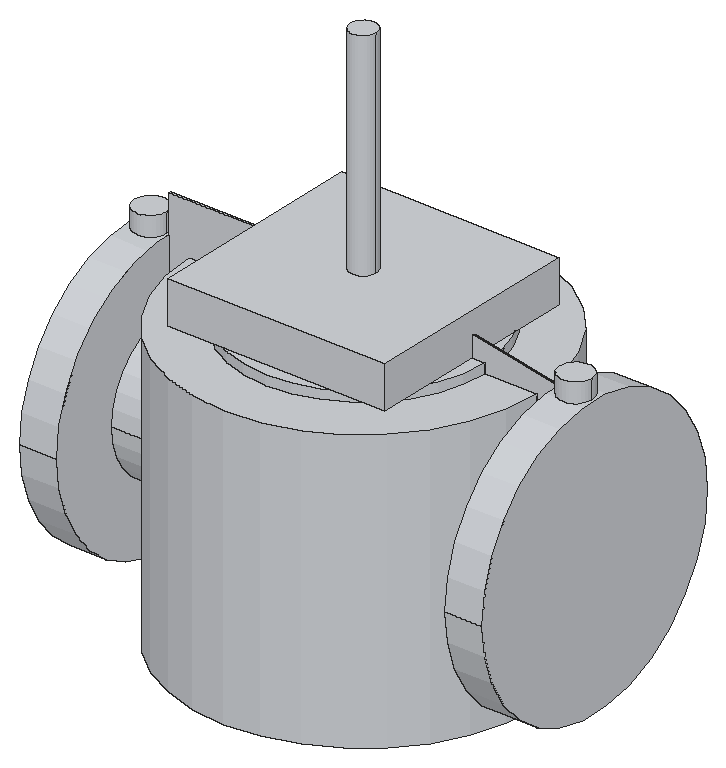
Revit family "OC-FLANGE_LF_DN250_PN16_RFA_2018", category Pipe Accessories, Revit 2018
Family settings
  Round Connector Dimension = Use Diameter
  Part Type = Valve - Breaks Into
  Work Plane-Based = No
  Always vertical = Yes
  Cut with Voids When Loaded = No
  Shared = No
Parameters (values of type "Optima Compact Flange PN16 DN250 LF")
  magiProductId = "4254bd6dcc3e44f98f38d0e788b611"
  magiProductFamilyId = "f0b264c0d7504b12868dd3b486e32a"
  magiPartTypeId = 304
  isMeasuringValve [instance] = no
  ang2D [instance] = 0.00°
  W2D = 50 mm
  VersionID = "2.0/2018.12.13.2/FRESE_OPT_COMP_BIG_Q13_001"
  Use Minimum Symbol Size [instance] = no
  URL = "www.hydronic.cz"
  Type Comments = "Přírubový; PN16; 0~110°C, s měřením"
  R4 = 192.15 mm
  R3 = 115.44 mm
  R1 = 274.5 mm
  QmdConnectorList = "301;D;302;D"
  Productdata [instance] = ""
  Manufacturer = "Hydronic Systems Prague s.r.o."
  MC Use Limits From Balancing Method = no
  MC Throttling Minimum Value = 0
  MC Throttling Maximum Value = 0
  MC Product Code = "53-1207 (DN250 LF; 48mm; pohon min 2500N; Qmin-dpmin 190000l/h-10.0kPa; Qmax-dpmin 475000l/h-35.0kPa; dpmax 800kPa)"
  MC Pressure Drop Minimum Value = 0.0 Pa
  MC Pressure Drop Maximum Value = 0.0 Pa
  MC Piping Given Pressure Drop [instance] = 0.0 Pa
  LF__ve = -LF  # -58.4 mm
  LF2 = 29.2 mm
  LF = 58.4 mm
  L4 = 343.1 mm
  L3 = 613.2 mm
  L2D_Min = 30.48 mm
  L2D = 230 mm
  L2 = 365 mm
  H6 = 339.4 mm
  H4 = 66.6 mm
  H3 = 15 mm
  H2 = 244.2 mm
  H1 = 444 mm
  H = 1094 mm
  Description = "Tlakově nezávislý 2-cestný regulační vyvažovací ventil (PICV)"
  DF2 = 222 mm
  DD = yes
  D = 250 mm
  CAT0 = yes
  AL2 = 156 mm
  ACT3W = 167 mm
  ACT3L = 92.5 mm
  ACT2L = 230 mm
  ACT2H = 311 mm
  A3WP = 112 mm
Types (2, lengths in mm): name | magiProductId | R4 | R3 | R1 | MC Product Code | LF__ve | LF2 | LF | L4 | L3 | L2 | H6 | H4 | H2 | H1 | H | DF2 | D
  Optima Compact Flange PN16 DN250 LF | "4254bd6dcc3e44f98f38d0e788b611" | 192.15 | 115.44 | 274.5 | "53-1207 (DN250 LF; 48mm; pohon min 2500N; Qmin-dpmin 190000l/h-10.0kPa; Qmax-dpmin 475000l/h-35.0kPa; dpmax 800kPa)" | -58.4 | 29.2 | 58.4 | 343.1 | 613.2 | 365 | 339.4 | 66.6 | 244.2 | 444 | 1094 | 222 | 250
  Optima Compact Flange PN16 DN300 LF | "ecb81ef8531940baa5b8b8db4f8dfa" | 251.65 | 135.2 | 359.5 | "53-1208 (DN300 LF; 48mm; pohon min 2500N; Qmin-dpmin 190000l/h-10.0kPa; Qmax-dpmin 475000l/h-35.0kPa; dpmax 800kPa)" | -68 | 34 | 68 | 399.5 | 714 | 425 | 290 | 78 | 286 | 520 | 1132 | 260 | 300
Reference planes
  plane 1 "Center (Front/Back)": y = 0
  plane 2 "XYPLANE": z = 0
  plane 3 "Center (Left/Right)": x = 0
  plane 4 "362": y = 45
  plane 5 "361": y = 55
  plane 6 "360": y = -102
  plane 7 "359": y = -112
  plane 8 "358": z = 852
  plane 9 "357": x = -87.5
  plane 10 "356": x = 87.5
  plane 11 "355": x = -92.5
  plane 12 "354": x = 92.5
  plane 13 "353": x = 35
  plane 14 "352": x = -35
  plane 15 "351": z = 627
  plane 16 "350": z = 812
  plane 17 "347": y = -25
  plane 18 "346": y = 25
  plane 19 "342": z = 280.4
  plane 20 "341": x = 306.6
  plane 21 "340": x = -306.6
  plane 22 "335": x = 106
  plane 23 "334": z = 759
  plane 24 "333": z = 684
  plane 25 "332": z = 689
  plane 26 "331": z = 729
  plane 27 "330": z = 561
  plane 28 "329": z = -222
  plane 29 "328": x = -45
  plane 30 "327": x = 45
  plane 31 "326": x = -49
  plane 32 "325": x = 49
  plane 33 "324": y = -20
  plane 34 "323": y = 20
  plane 35 "322": z = 869
  plane 36 "321": z = 872
  plane 37 "320": z = 581
  plane 38 "319": y = -61
  plane 39 "318": y = 73
  plane 40 "317": x = -74
  plane 41 "316": x = 156
  plane 42 "206": x = 335.8
  plane 43 "205": x = -335.8
  plane 44 "204": z = 222
  plane 45 "203": z = 281.4
  plane 46 "202": z = 214.8
  plane 47 "201": z = 199.8
  plane 48 "200": x = -306.6
  plane 49 "199": z = -244.2
  plane 50 "198": x = 0
  plane 51 "197": y = 0
  plane 52 "196": z = 0
  plane 53 "195": x = -365
  plane 54 "194": x = 365
  plane 55 "193": z = 620.8
  plane 56 "192": z = 784.8
Forms (mm)
  Extrusion 1, solid, visible <- "DD"
    sketch origin (750, 0, 0) x (-1, 0, 0) y (0, 0, 1)
      loop
        line (1056.6, 280.4) -> (750, 280.4) -> (443.4, 222) -> (443.4, -222) -> (1056.6, -222) -> (1056.6, 280.4)
    from 0 to 3
  Extrusion 2, solid, visible <- "CAT0"
    sketch origin (-750, 0, 222) x (1, 0, 0) y (0, 1, 0)
      loop
        circle (1085.8, 0) r 25.5
    from 0 to 30
  Extrusion 3, solid, visible <- "CAT0"
    sketch origin (-750, 0, 222) x (1, 0, 0) y (0, 1, 0)
      loop
        circle (414.2, 0) r 25.5
    from 0 to 30
  Extrusion 4, solid, visible <- "CAT0"
    sketch origin (-750, 0, 281.4) x (1, 0, 0) y (0, 1, 0)
      loop
        circle (750, 0) r 20
    from 0 to 339.4 <- "H6"
  Extrusion 5, solid, visible <- "CAT0"
    sketch origin (-750, 0, 214.8) x (1, 0, 0) y (0, 1, 0)
      loop
        line (921.55, 171.55) -> (578.45, 171.55) -> (578.45, -171.55) -> (921.55, -171.55) -> (921.55, 171.55)
    from 0 to 66.6 <- "H4"
  Extrusion 6, solid, visible <- "CAT0"
    sketch origin (-750, 0, 199.8) x (1, 0, 0) y (0, 1, 0)
      loop
        circle (750, 0) r 192.15
    from 0 to 15 <- "H3"
  Extrusion 7, solid, visible <- "CAT0"
    sketch origin (-306.6, -750, 0) x (0, 1, 0) y (0, 0, 1)
      loop
        circle (750, 0) r 115.44
    from 0 to 613.2 <- "L3"
  Extrusion 8, solid, visible <- "CAT0"
    sketch origin (-750, 0, -244.2) x (1, 0, 0) y (0, 1, 0)
      loop
        circle (750, 0) r 274.5
    from 0 to 444 <- "H1"
  Extrusion 9, solid, visible <- "CAT0"
    sketch origin (-365, -750, 0) x (0, 1, 0) y (0, 0, 1)
      loop
        circle (750, 0) r 222
    from 0 to 58.4 <- "LF"
  Extrusion 10, solid, visible <- "CAT0"
    sketch origin (365, -750, 0) x (0, 1, 0) y (0, 0, 1)
      loop
        circle (750, 0) r 222
    from 0 to -58.4 <- "LF__ve"
  Extrusion 11, solid, not visible
    sketch origin (-365, -750, 0) x (0, 1, 0) y (0, 0, 1)
      loop
        circle (750, 0) r 10
    from 0 to 10
  Extrusion 12, solid, not visible
    sketch origin (365, -750, 0) x (0, 1, 0) y (0, 0, 1)
      loop
        circle (750, 0) r 10
    from 0 to -10
Lines and regions (mm)
  reference lines, not visible
    curve 1: circle (2, 2, 0) r 1 normal (0, 0, 1)
  reference lines
    curve 2: circle (0, 0, 214.8) r 1 normal (0, 0, 1)
Dimensions and locks
  plane 1 "Center (Front/Back)" to curve 1 = 2 mm
  locked: plane 5 "361" to plane 4 "362" at 10
  "ACT3W": plane 7 "359" to plane 5 "361"
  locked: plane 7 "359" to plane 6 "360" at 10
  "A3WP": plane 51 "197" to plane 7 "359"
  locked: plane 36 "321" to plane 8 "358" at 20
  locked: plane 11 "355" to plane 9 "357" at 5
  locked: plane 12 "354" to plane 10 "356" at 5
  "ACT3L": plane 50 "198" to plane 11 "355"
  "ACT3L": plane 50 "198" to plane 12 "354"
  locked: plane 30 "327" to plane 13 "353" at 10
  locked: plane 29 "328" to plane 14 "352" at 10
  locked: plane 36 "321" to plane 15 "351" at 245
  locked: plane 36 "321" to plane 16 "350" at 60
  locked: plane 51 "197" to plane 17 "347" at 25
  locked: plane 51 "197" to plane 18 "346" at 25
  "LF": plane 44 "204" to plane 19 "342"
  "LF": plane 54 "194" to plane 20 "341"
  "LF": plane 53 "195" to plane 21 "340"
  locked: plane 41 "316" to plane 22 "335" at 50
  locked: plane 26 "331" to plane 23 "334" at 30
  locked: plane 35 "322" to plane 24 "333" at 185
  locked: plane 35 "322" to plane 25 "332" at 180
  locked: plane 35 "322" to plane 26 "331" at 140
  "ACT2H": plane 36 "321" to plane 27 "330"
  "DF2": plane 52 "196" to plane 28 "329"
  locked: plane 30 "327" to plane 29 "328" at 90
  locked: plane 50 "198" to plane 30 "327" at 45
  locked: plane 50 "198" to plane 31 "326" at 49
  locked: plane 50 "198" to plane 32 "325" at 49
  locked: plane 34 "323" to plane 33 "324" at 40
  locked: plane 51 "197" to plane 34 "323" at 20
  locked: plane 36 "321" to plane 35 "322" at 3
  "H": plane 28 "329" to plane 36 "321"
  locked: plane 27 "330" to plane 37 "320" at 20
  locked: plane 51 "197" to plane 38 "319" at 61
  locked: plane 51 "197" to plane 39 "318" at 73
  "ACT2L": plane 41 "316" to plane 40 "317"
  "AL2": plane 50 "198" to plane 41 "316"
  "LF2": plane 54 "194" to plane 42 "206"
  "LF2": plane 53 "195" to plane 43 "205"
  "DF2": plane 2 "XYPLANE" to plane 44 "204"
  "H4": plane 46 "202" to plane 45 "203"
  "H3": plane 47 "201" to plane 46 "202"
  "H1": plane 49 "199" to plane 47 "201"
  "LF": plane 53 "195" to plane 48 "200"
  "H2": plane 2 "XYPLANE" to plane 49 "199"
  locked: plane 3 "Center (Left/Right)" to plane 50 "198"
  locked: plane 1 "Center (Front/Back)" to plane 51 "197"
  locked: plane 2 "XYPLANE" to plane 52 "196"
  "L2": plane 3 "Center (Left/Right)" to plane 53 "195"
  "L2": plane 3 "Center (Left/Right)" to plane 54 "194"
  "H6": plane 45 "203" to plane 55 "193"
  locked: plane 55 "193" to plane 56 "192" at 164
  Extrusion 1 sketch curve to Extrusion 1 sketch curve = 0 mm  (x10)
  equal spacing: Extrusion 5 sketch curve, curve 2, Extrusion 5 sketch curve  (x2)
  "L4": Extrusion 5 sketch curve to Extrusion 5 sketch curve  (x2)
  Extrusion 5 sketch curve to Extrusion 5 sketch curve = 0 mm  (x8)
  "R4": radius of Extrusion 6 sketch curve
  "R3": radius of Extrusion 7 sketch curve
  "R1": radius of Extrusion 8 sketch curve
  "DF2": radius of Extrusion 9 sketch curve
  "DF2": radius of Extrusion 10 sketch curve
  aligned and locked: level to plane 2 "XYPLANE"
  aligned and locked: plane 21 "340" to Extrusion 1 sketch curve  (x2)
  aligned and locked: plane 19 "342" to Extrusion 1 sketch curve
  aligned and locked: plane 28 "329" to Extrusion 1 sketch curve  (x2)
  aligned and locked: plane 20 "341" to Extrusion 1 sketch curve  (x2)
  aligned and locked: plane 44 "204" to Extrusion 1 sketch curve
  aligned and locked: plane 50 "198" to Extrusion 1 sketch curve
  aligned and locked: Extrusion 1 sketch curve to plane 19 "342"
  aligned and locked: plane 42 "206" to Extrusion 2 sketch curve
  aligned and locked: plane 51 "197" to Extrusion 2 sketch curve
  aligned and locked: plane 43 "205" to Extrusion 3 sketch curve
  aligned and locked: plane 51 "197" to Extrusion 3 sketch curve
  aligned and locked: plane 50 "198" to Extrusion 4 sketch curve
  aligned and locked: plane 51 "197" to Extrusion 4 sketch curve
  aligned and locked: plane 50 "198" to curve 2
  aligned and locked: plane 51 "197" to curve 2
  aligned and locked: plane 50 "198" to Extrusion 6 sketch curve
  aligned and locked: plane 51 "197" to Extrusion 6 sketch curve
  aligned and locked: Extrusion 7 sketch curve to plane 51 "197"
  aligned and locked: plane 52 "196" to Extrusion 7 sketch curve
  aligned and locked: plane 50 "198" to Extrusion 8 sketch curve
  aligned and locked: plane 51 "197" to Extrusion 8 sketch curve
  aligned and locked: Extrusion 9 sketch curve to plane 51 "197"
  aligned and locked: plane 52 "196" to Extrusion 9 sketch curve
  aligned and locked: Extrusion 10 sketch curve to plane 51 "197"
  aligned and locked: plane 52 "196" to Extrusion 10 sketch curve
  aligned and locked: Extrusion 11 sketch curve to plane 51 "197"
  aligned and locked: plane 52 "196" to Extrusion 11 sketch curve
  aligned and locked: Extrusion 12 sketch curve to plane 51 "197"
  aligned and locked: plane 52 "196" to Extrusion 12 sketch curve
Automatic sketch dimensions
  plane 20 "341" to Extrusion 2 sketch curve = 3.7 mm
  plane 53 "195" to Extrusion 3 sketch curve = 3.7 mm
  plane 14 "352" to Extrusion 4 sketch curve = 15 mm
  plane 1 "Center (Front/Back)" to Extrusion 11 sketch curve = 10 mm
  plane 1 "Center (Front/Back)" to Extrusion 12 sketch curve = 10 mm
  plane 3 "Center (Left/Right)" to curve 1 = 2 mm
  Extrusion 5 sketch curve to plane 11 "355" = 79.05 mm
  Extrusion 5 sketch curve to plane 7 "359" = 59.55 mm
  radius of curve 2 = 1 mm
  radius of curve 1 = 1 mm
Connectors
  piping at (-365, 0, 0), diameter 250, driven by "D"
    settings: on Extrusion 11, index 1, connector inside diameter 609.6 mm, connector length 0 mm, flow factor 0, pipe flow 0.0 L/s, pressure drop 0.0 Pa, fitting loss kfactor 0, connector angle 0.00°, fixture units 0, engagement length 0 mm, angle of deflection 0.00°, flow configuration 0, flow direction 0, fitting loss method 0, system type 29, joint type 0, gender type 0, connector reference index 2, connector utility 0, adjustable connector no, is connector primary yes, connector description ""
  piping at (365, 0, 0), diameter 250, driven by "D"
    settings: on Extrusion 12, index 2, connector inside diameter 609.6 mm, connector length 0 mm, flow factor 0, pipe flow 0.0 L/s, pressure drop 0.0 Pa, fitting loss kfactor 0, connector angle 0.00°, fixture units 0, engagement length 0 mm, angle of deflection 0.00°, flow configuration 0, flow direction 0, fitting loss method 0, system type 29, joint type 0, gender type 0, connector reference index 1, connector utility 0, adjustable connector no, is connector primary no, connector description ""
